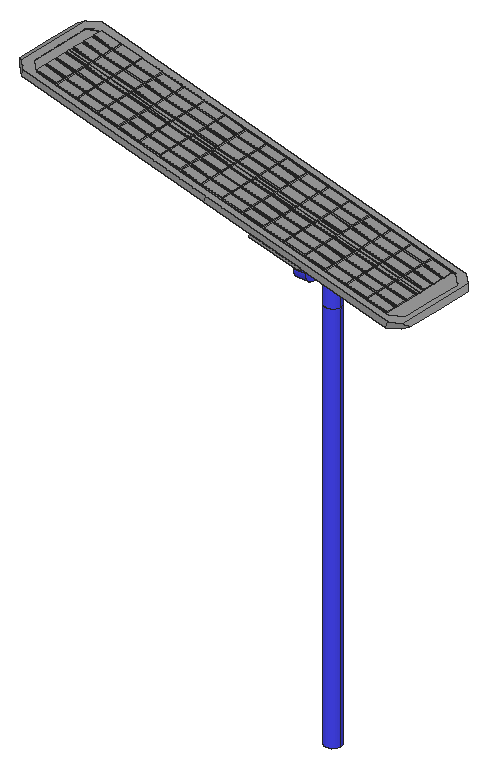
Revit family "BLS-10 & 8A", category Lighting Fixtures, host Face, Revit 2023 (continued)
Types (3, lengths in ft): name | Wattage Comments | Wattage | Type Comments | Photometric Web File | built-in parameter 1150142 | Model | built-in parameter 1150105 | Lumens | built-in parameter 1150106 | Description
  (no name) | "45.3" | 45.3 W | "APPLICATION: The BLS-8A is ideal for temporary lighting, \r\npathways, parking areas, public walkways, parks and roads.\r\nSPECIFICATIONS\r\nSolar Panel 75W, 16.2V\r\nLI-ION Battery 577.2 Wh, 39 Ah, 14.8V\r\nLumen Output\r\n3030 LEDS 180-190lpw @ 150mA, 5.8-6V\r\nOperation Time 36 hrs (after full charge)\r\nDischarge Time\r\nDischarge Operating Temperature -20° to 60°C (-4° to 140°F)\r\nCharge Time 10-12 hrs minimum\r\nCharge Operating Temperature 0° to 60°C ( 32° to 140°F)\r\nMin. Solar Direct Normal Irradiance 0.2 KWh/m2\r\nOperation Mode (Green Light) 5 hrs @ 100% + 7 hrs @ 30%\r\n(+ PIR 100%)\r\nOperation Mode (Orange Light) 5 hrs @ 70% + 7 hrs @ 30%\r\n(+ PIR 100%)\r\nOperation Mode (Red Light) 12 hrs @ 30% (+ PIR 100%)\r\nMounting Height 19 - 26 ft\r\nEffective Projected Area (EPA) 6.4 ft2\r\nCertifications IP65 / ROHS / FCC\r\nWeight 45.0 lb / 20.4 kg\r\nWarranty 3 years\r\nUpon proper installation and start-up, Beghelli does not guarantee product performance meets specified performance levels. Unknown \r\nenvironmental conditions effect performance. In no event shall Beghelli be liable for special, incidental or consequential damages related directly or \r\nindirectly to the lack of product functionality and / or performance. \r\nADVANTAGES\r\n• Integrated Solution\r\n• Environmentally Friendly\r\n• Easy Installation\r\n• $0 Energy Costs\r\n• PIR Motion Sensor\r\n• 3 Lighting Modes\r\nEXTRUDED ALUMINUM FRAMING \r\nWITH CLEAR ANODIZED FINISH\r\nSOLAR PANEL - 75W\r\nOPERATION MODES SWITCH\r\n(on/ off- depress long 1.5 sec)\r\n61.5\"\r\n15\"\r\n381 mm\r\n1563 mm\r\nOPERATION MODES \r\nLIGHT INDICATOR\r\nFABRICATED STEEL POST TOP MOUNTING \r\nBRACKET WITH GRAY PAINTED FINISH\r\n160 MID POWER LED\r\nPIR MOTION SENSOR\r\nSLIP-FIT FOR 2.75\" O.D \r\nX 5\" LONG TENON\r\n2.75\" O.D X 5\" TENON/\r\nPOLE (BY OTHERS)\r\nBATTERY\r\n6518 lm @ 5700°K\r\n1\r\n (5 SCDM)\r\n(2)\r\nSET SCREWS (PROVIDED)\r\nBLS-8A\r\nType II / B2-U1-G1\r\nSystem Power Delivery 45.3W\r\nThe LUCE SOLARE BLS-8A is a solar street and area lighting \r\nsolution that integrates the solar panel, battery and LED module \r\ninto a single low-profile fixture. BLS-8A utilitizes battery \r\ntechnology that will not drain below 10% capacity to \r\nensure reliable re-charge for maximum performance.\r\nThe BLS-8A design eliminates bulky external battery \r\nboxes, while maximizing light output by using high \r\nefficiency mono-crystalline silicon solar cells and LEDs.\r\nThe BLS-8A incorporates a night sensor that detects \r\nambient light to automatically turn the fixture on/off. An \r\ni" | "BLS-8A-5700°K.ies" | "IESNA:LM-63-2002\r\n[TEST] -         \r\n[TESTLAB] BEGHELLI         \r\n[TESTDATE] 2017-2-14         \r\n[ISSUEDATE] 2017-2-14 15:9:47        \r\n[NEARFIELD]          \r\n[LAMPPOSITION] \"0,0\"         \r\n[OTHER] \r\n[MANUFAC] BEGHELLI\r\n[LUMCAT] BLS-8A-5700°K         \r\n[OTHER] TOTAL LUMINAIRE WATTS REPRESENT LUMINAIRE POWER DELIVERY\r\nTILT=NONE\r\n1 8148.29 0.8 181 17 1 2 0 0 0\r\n1 1 45.3\r\n0 1 2 3 4 5 6 7 8 9 10 11 12 13 14 15 16 17 18 19 20 21 22 23 24 25 26 27 28 29 30 31 32 33 34 35 36 37 38 39 40 41 42 43 44 45 46 47 48 49 50 51 52 53 54 55 56 57 58 59 60 61 62 63 64 65 66 67 68 69 70 71 72 73 74 75 76 77 78 79 80 81 82 83 84 85 86 87 \r\n88 89 90 91 92 93 94 95 96 97 98 99 100 101 102 103 104 105 106 107 108 109 110 111 112 113 114 115 116 117 118 119 120 121 122 123 124 125 126 127 128 129 130 131 132 133 134 135 136 137 138 139 140 141 142 143 144 145 146 147 148 149 150 151 152 153 154\r\n 155 156 157 158 159 160 161 162 163 164 165 166 167 168 169 170 171 172 173 174 175 176 177 178 179 180\r\n0 22.5 45 67.5 90 112.5 135 157.5 180 202.5 225 247.5 270 292.5 315 337.5 360\r\n2778.373 2776.36 2769.34 2760.71 2753.45 2749.21 2738.30 2723.71 2716.47 2713.69 2716.39 2722.41 2736.17 2743.92 2750.02 2751.42 2751.50 2766.57 2790.61 2808.37 2818.06 2832.08 2837.95 2839.33 2821.98 2776.76 2733.98 2686.47 2641.99 2596.19 2559.61 \r\n2525.13 2490.60 2453.51 2424.92 2394.20 2354.50 2307.43 2249.64 2164.99 2074.62 1998.02 1920.44 1852.02 1794.89 1751.95 1720.49 1718.21 1751.54 1876.69 2059.71 2027.12 1761.07 1506.84 1210.74 982.33 846.50 755.90 698.94 651.11 615.18 587.06 560.90 540.70 \r\n513.01 487.00 455.30 449.69 433.87 426.64 410.50 394.76 385.15 366.18 353.79 345.22 345.64 341.08 262.60 185.68 136.72 130.51 137.93 79.76 40.56 32.41 22.56 14.25 8.53 3.32 0.00 0.00 0.00 0.00 0.00 0.00 0.00 0.00 0.00 0.00 0.00 0.00 0.00 0.00 0.00 0.00 \r\n0.00 0.00 0.00 0.00 0.00 0.00 0.00 0.00 0.00 0.00 0.00 0.00 0.00 0.00 0.00 0.00 0.00 0.00 0.00 0.00 0.00 0.00 0.00 0.00 0.00 0.00 0.00 0.00 0.00 0.00 0.00 0.00 0.00 0.00 0.00 0.00 0.00 0.00 0.00 0.00 0.00 0.00 0.00 0.00 0.00 0.00 0.00 0.00 0.00 0.00 0.00 \r\n0.00 0.00 0.00 0.00 0.00 0.00 0.00 0.00 0.00 0.00 0.00 0.00 0.00 0.00 0.00 0.00 0.00 0.00 0.00 0.00 0.00 0.00 0.00 0.00\r\n2778.373 2777.09 2772.04 2759.65 2746.29 2739.19 2733.98 2725.51 2722.08 2722.08 2729.58 2739.36 2747.75 2749.78 2758.09 2771.13 2783.43 2791.10 2796.71 2803.32 2803.00 2795.58 2789.96 2787.92 2781.49 2776.68 2767.05 2746.29 2718.98 2682.73 2639.21 \r\n2593.10 2541.26 2490.52 2446.51 2409.51 2371.05 2329.42 2283.87 2222.68 2154.30 2081.37 1994.11 1915.39 1833.26 1759.60 1701.51 1656.04 1637.46 1634.37 1660.20 1810.78 1956.80 1866.27 1603.41 1381.44 1161.60 1022.44 922.45 869.17 820.43 782.05 744.25 \r\n704.49 669.94 639.63 608.49 591.46 575.75 556.84 532.06 516.34 491.66 475.11 460.86 436.33 409.52 371.06 347.34 327.79 295.76 228.70 173.78 122.62 116.26 91.48 47.57 32.33 25.40 17.41 10.34 3.24 0.08 0.00 0.00 0.00 0.00 0.00 0.00 0.00 0.00 0.00 0.00 0.00 \r\n0.00 0.00 0.00 0.00 0.00 0.00 0.00 0.00 0.00 0.00 0.00 0.00 0.00 0.00 0.00 0.00 0.00 0.00 0.00 0.00 0.00 0.00 0.00 0.00 0.00 0.00 0.00 0.00 0.00 0.00 0.00 0.00 0.00 0.00 0.00 0.00 0.00 0.00 0.00 0.00 0.00 0.00 0.00 0.00 0.00 0.00 0.00 0.00 0.00 0.00 0.00 \r\n0.00 0.00 0.00 0.00 0.00 0.00 0.00 0.00 0.00 0.00 0.00 0.00 0.00 0.00 0.00 0.00 0.00 0.00 0.00 0.00 0.00 0.00 0.00 0.00 0.40 0.00\r\n2778.373 2785.97 2785.16 2770.24 2755.01 2744.16 2743.51 2751.34 2764.05 2772.28 2778.55 2782.70 2786.37 2786.05 2786.05 2772.77 2756.63 2743.51 2731.94 2723.38 2722.89 2722.41 2703.34 2682.49 2669.76 2651.52 2644.51 2642.07 2638.80 2632.77 2626.74 \r\n2616.48 2605.15 2589.26 2572.32 2547.14 2536.94 2527.74 2515.19 2493.92 2468.43 2444.80 2418.24 2384.50 2339.93 2282.23 2223.65 2166.12 2098.66 2007.56 1904.81 1834.57 1788.36 1772.40 1769.79 1768.40 1783.15 1856.98 1820.06 1696.62 1557.28 1414.04 1317.73\r\n 1259.78 1218.16 1186.62 1168.61 1156.31 1132.91 1110.83 1054.86 967.35 866.88 775.30 692.99 630.75 582.42 551.46 516.66 480.24 431.93 374.32 323.95 289.65 270.19 233.75 187.49 148.11 120.01 100.70 68.68 44.64 18.65 5.53 0.00 0.00 0.00 0.00 0.00 0.00 0.00\r\n 0.00 0.00 0.00 0.00 0.00 0.00 0.00 0.00 0.00 0.00 0.00 0.00 0.00 0.00 0.00 0.00 0.00 0.00 0.00 0.00 0.00 0.00 0.00 0.00 0.00 0.00 0.00 0.00 0.00 0.00 0.00 0.00 0.00 0.00 0.00 0.00 0.00 0.00 0.00 0.00 0.00 0.00 0.00 0.00 0.00 0.00 0.00 0.00 0.00 0.00 0.00\r\n 0.00 0.00 0.00 0.00 0.00 0.00 0.00 0.00 0.00 0.00 0.00 0.00 0.00 0.00 0.00 0.00 0.00 0.00 0.00 0.00 0.40 0.40 0.40 0.40 0.40 0.40 0.40 0.40 0.00\r\n2778.373 2786.37 2778.47 2755.98 2736.74 2724.45 2720.45 2719.55 2719.47 2718.09 2719.47 2726.00 2730.31 2731.77 2733.15 2728.51 2728.02 2729.91 2734.07 2746.45 2757.93 2761.36 2760.14 2760.54 2769.34 2775.45 2793.23 2789.31 2751.91 2725.83 2714.01 \r\n2699.36 2685.00 2685.98 2712.88 2744.65 2763.30 2759.65 2732.99 2702.85 2689.16 2693.49 2711.25 2713.36 2707.25 2698.13 2695.52 2702.45 2709.45 2712.39 2711.99 2707.01 2702.19 2698.78 2688.83 2678.74 2688.18 2662.52 2628.37 2572.57 2486.59 2380.92 2212.16\r\n 2063.87 1956.55 1792.60 1642.52 1514.99 1446.87 1474.74 1409.40 1277.81 1146.93 973.95 804.37 674.42 645.65 668.38 626.84 541.76 441.70 382.94 379.70 325.51 264.56 253.80 223.41 155.13 114.87 106.15 87.73 57.92 34.60 17.65 3.73 0.00 0.00 0.00 0.00 0.00 \r\n0.00 0.00 0.00 0.00 0.00 0.00 0.00 0.00 0.00 0.00 0.00 0.00 0.00 0.00 0.00 0.00 0.00 0.00 0.00 0.00 0.00 0.00 0.00 0.00 0.00 0.00 0.00 0.00 0.00 0.00 0.00 0.00 0.00 0.00 0.00 0.00 0.00 0.00 0.00 0.00 0.00 0.00 0.00 0.00 0.00 0.00 0.00 0.00 0.00 0.00 0.00 \r\n0.00 0.00 0.00 0.00 0.00 0.00 0.00 0.00 0.00 0.00 0.00 0.00 0.00 0.00 0.00 0.00 0.00 0.00 0.00 0.00 0.00 0.00 0.00 0.00 0.00 0.00 0.00 0.89 0.89 0.00\r\n2778.373 2792.88 2786.46 2769.42 2745.14 2733.74 2737.64 2754.34 2777.49 2798.52 2823.93 2839.83 2831.60 2819.21 2803.40 2781.81 2752.39 2724.53 2699.52 2684.11 2684.11 2683.78 2691.53 2735.20 2770.64 2766.81 2766.48 2769.18 2767.72 2757.04 2729.83 \r\n2722.49 2725.17 2741.64 2742.46 2730.31 2709.70 2693.57 2679.95 2669.76 2661.38 2650.54 2637.17 2623.97 2614.61 2605.89 2593.18 2582.50 2567.84 2548.20 2537.35 2528.63 2522.69 2525.96 2537.67 2544.28 2527.50 2472.34 2397.94 2305.05 2206.86 2089.85 1972.69\r\n 1853.96 1778.51 1762.29 1796.69 1767.19 1629.07 1462.36 1278.62 1115.15 1014.77 1036.93 1072.05 991.39 852.38 728.19 660.00 566.77 431.76 439.83 453.11 359.00 261.55 187.38 142.17 107.46 86.11 74.71 63.62 47.99 34.12 19.54 7.23 0.00 0.00 0.40 0.00 1.29 \r\n0.89 0.89 0.89 0.89 0.89 1.29 1.29 1.29 1.29 1.29 1.29 1.29 1.29 1.29 1.29 1.29 1.29 1.29 1.29 1.29 1.29 1.29 1.29 1.29 1.29 1.29 1.29 1.29 1.29 1.29 1.29 1.29 1.29 1.29 1.29 1.29 1.29 1.29 1.29 1.29 1.29 1.29 1.29 1.29 1.29 1.29 1.29 1.29 1.29 1.29 1.29 \r\n1.29 1.29 1.29 1.29 1.29 1.29 1.29 1.29 1.29 1.29 1.29 1.29 1.29 1.29 1.29 1.29 1.29 0.89 0.89 0.89 0.89 0.89 0.89 1.29 0.40 0.40 0.40 0.40 0.40 0.00\r\n2778.373 2791.50 2786.54 2768.53 2751.50 2748.40 2754.02 2777.25 2816.20 2825.57 2811.88 2778.22 2728.83 2665.94 2613.54 2578.67 2574.59 2582.66 2585.77 2579.32 2559.21 2532.87 2523.75 2529.87 2546.58 2560.02 2561.07 2552.35 2535.24 2521.80 2518.05 \r\n2516.35 2521.15 2549.17 2579.97 2591.95 2591.54 2594.57 2604.74 2615.51 2617.86 2612.16 2596.84 2582.58 2565.55 2550.41 2526.04 2500.37 2479.67 2456.70 2432.65 2403.41 2354.85 2299.68 2233.42 2165.15 2093.68 2013.42 1920.95 1834.00 1753.00 1676.97 1607.81\r\n 1538.21 1455.02 1349.58 1243.17 1143.92 1048.02 934.92 838.35 754.35 679.63 615.58 538.26 453.92 383.12 341.89 310.11 263.25 218.04 187.22 166.78 148.45 124.41 91.00 62.48 43.66 36.17 35.18 28.83 18.24 9.28 0.89 0.00 0.00 0.00 0.00 0.40 0.89 0.40 1.37 \r\n0.89 0.89 0.89 0.89 0.89 0.89 0.89 0.89 0.89 0.89 0.89 0.89 0.89 0.89 0.89 0.89 0.89 0.89 0.89 0.89 0.89 0.89 0.89 0.89 0.89 0.89 0.89 0.89 0.89 0.89 0.89 0.89 0.89 0.89 0.89 0.89 0.89 0.89 0.89 0.89 0.89 0.89 0.89 0.89 0.89 0.89 0.89 0.89 0.89 0.89 0.89 \r\n0.89 0.89 0.89 0.89 0.89 0.89 0.89 0.89 0.89 0.89 0.89 0.89 0.89 0.89 0.89 0.89 0.89 0.89 0.89 0.89 0.89 0.89 0.89 0.89 0.89 0.89 0.89 0.00\r\n2778.373 2787.35 2774.72 2753.45 2734.39 2712.88 2699.02 2684.11 2645.98 2581.61 2504.93 2431.02 2369.18 2319.71 2281.99 2272.87 2254.29 2201.90 2158.78 2135.97 2120.91 2111.12 2098.66 2084.23 2070.79 2054.57 2035.43 2013.92 1991.51 1966.08 1947.91 \r\n1936.34 1936.34 1937.23 1936.82 1936.34 1935.77 1930.97 1914.83 1893.56 1863.33 1832.94 1802.79 1778.43 1762.71 1744.45 1727.74 1709.66 1691.49 1673.41 1650.66 1614.89 1567.96 1506.27 1431.07 1351.79 1272.98 1197.30 1123.87 1060.55 1014.04 965.56 899.23 \r\n806.66 707.18 613.48 533.13 490.27 471.52 433.71 381.81 334.39 297.31 276.29 258.12 246.55 235.80 215.91 193.99 167.68 147.87 148.19 142.17 130.51 105.34 68.84 43.74 30.54 27.85 25.80 17.09 7.40 0.00 0.00 0.00 0.00 0.00 0.00 0.00 0.40 0.00 0.00 0.89 0.89 \r\n1.37 1.37 1.37 1.37 1.37 1.37 1.37 1.37 1.37 1.37 1.37 1.37 1.37 1.37 1.37 1.37 1.37 1.37 1.37 1.37 1.37 1.37 1.37 1.37 1.37 1.37 1.37 1.37 1.37 1.37 1.37 1.37 1.37 1.37 1.37 1.37 1.37 1.37 1.37 1.37 0.89 0.89 0.89 0.89 0.89 0.89 0.89 0.89 0.89 0.89 0.89 \r\n0.89 0.89 0.89 0.89 0.89 0.89 0.89 0.89 0.89 0.89 0.89 0.89 0.89 0.89 0.89 0.89 0.40 0.40 0.40 0.40 0.40 0.40 0.40 0.40 0.40 0.00\r\n2778.373 2781.73 2763.54 2729.42 2688.99 2652.81 2616.40 2547.14 2488.71 2450.83 2409.51 2355.98 2286.63 2228.70 2186.09 2152.03 2129.30 2110.87 2090.68 2069.25 2038.44 1989.14 1929.99 1863.09 1789.27 1712.60 1622.72 1531.45 1449.81 1373.87 1301.83 \r\n1237.38 1170.16 1106.35 1050.54 995.05 946.81 900.45 856.70 814.25 771.95 733.17 699.93 672.70 648.84 630.91 618.20 605.08 593.75 584.14 578.92 575.58 572.40 568.16 563.76 554.88 537.45 518.46 491.40 466.72 449.93 440.56 436.33 428.99 412.69 388.90 364.29\r\n 346.69 342.94 342.45 329.99 294.30 260.65 256.57 274.10 293.32 276.45 218.28 150.57 108.35 106.96 118.54 112.59 92.71 69.49 61.17 60.04 47.57 29.07 17.65 8.21 0.00 0.00 0.00 0.00 0.00 0.00 0.00 0.00 0.00 0.00 0.00 0.00 0.00 0.00 0.00 0.00 0.00 0.00 0.00 \r\n0.00 0.00 0.00 0.00 0.00 0.00 0.00 0.00 0.00 0.00 0.00 0.00 0.00 0.00 0.00 0.40 1.29 0.89 0.89 0.89 0.89 0.89 0.89 0.89 0.89 0.89 0.89 0.89 0.89 0.89 0.89 0.89 0.89 0.89 0.89 0.89 0.89 0.89 0.89 0.89 0.89 0.89 0.89 0.89 0.89 0.89 0.89 0.89 0.89 0.89 0.89 \r\n0.89 0.89 0.89 0.89 0.89 0.89 0.89 0.89 0.89 0.89 0.89 0.89 0.89 0.89 0.89 0.89 0.89 0.89 0.89 0.00\r\n2778.373 2780.17 2762.25 2732.59 2705.13 2673.77 2612.00 2522.53 2455.63 2416.77 2400.06 2344.00 2272.79 2229.36 2188.44 2147.31 2104.61 2058.97 2015.54 1968.29 1915.72 1845.33 1756.27 1658.56 1546.45 1419.17 1282.69 1155.73 1041.74 942.41 851.55 773.41 \r\n723.14 681.59 646.79 619.42 593.91 574.68 556.34 536.64 520.58 502.74 485.53 470.96 459.22 449.28 440.56 432.09 422.15 415.30 410.9
    8 405.04 404.13 403.64 404.13 404.64 406.58 411.23 416.44 428.42 439.67 452.29 451.73 447.49 434.87 414.25 409.36 416.76 \r\n422.80 411.47 381.08 344.98 311.50 268.72 214.13 167.27 162.63 174.75 171.75 151.21 126.92 109.58 94.02 44.56 11.80 0.00 0.00 0.00 0.00 0.00 0.00 0.00 0.00 0.00 0.00 0.00 0.00 0.00 0.00 0.00 0.00 0.00 0.00 0.00 0.00 0.00 0.00 0.00 0.00 0.00 0.00 0.00 0.00\r\n 0.00 0.00 0.00 0.00 0.00 0.00 0.00 0.00 0.00 0.00 0.00 0.00 0.00 0.00 0.00 0.00 0.00 0.00 0.00 0.00 0.00 0.00 0.00 0.00 0.00 0.00 0.00 0.00 0.00 0.00 0.00 0.00 0.40 0.40 0.40 0.40 0.40 0.40 0.40 0.40 0.40 0.40 0.40 0.40 0.40 0.40 0.40 0.40 0.40 0.40 0.40\r\n 0.40 0.40 0.40 0.40 0.40 0.40 0.40 0.40 0.40 0.40 0.40 0.00 0.00 0.00 0.00 0.00 0.00\r\n2778.373 2767.64 2750.26 2728.59 2700.65 2686.81 2646.47 2572.16 2506.96 2460.76 2411.80 2339.76 2250.05 2198.97 2166.45 2144.93 2122.85 2097.11 2069.25 2032.90 1986.46 1932.02 1868.78 1801.09 1723.26 1642.36 1562.01 1491.78 1430.91 1362.13 1288.15 \r\n1214.41 1150.20 1090.87 1037.18 985.03 936.38 884.40 829.31 783.68 738.46 700.98 669.12 648.84 631.97 615.75 601.09 588.86 583.48 576.23 570.52 566.37 559.04 548.61 536.22 523.83 511.20 488.96 466.80 450.82 442.10 440.73 435.03 416.44 388.26 361.19 343.83\r\n 345.96 356.55 354.27 332.02 296.18 279.07 287.62 308.88 294.06 238.31 165.47 112.02 100.62 107.70 107.87 99.07 83.33 69.97 61.83 45.61 28.18 18.16 12.36 0.89 0.00 0.00 0.00 0.00 0.00 0.00 0.00 0.00 0.00 0.00 0.00 0.00 0.00 0.00 0.40 0.00 0.00 0.00 0.00 \r\n0.00 0.00 0.00 0.00 0.00 0.00 0.00 0.00 0.00 0.00 0.00 0.00 0.00 0.40 0.89 0.89 0.89 0.89 0.89 0.89 0.40 0.40 0.40 0.40 0.40 0.40 0.40 0.40 0.40 0.40 0.40 0.40 0.40 0.40 0.89 0.00 0.00 0.00 0.00 0.00 0.00 0.00 0.40 0.00 0.00 0.00 0.00 0.00 0.00 0.00 0.00 \r\n0.00 0.00 0.00 0.00 0.00 0.00 0.00 0.00 0.00 0.00 0.00 0.00 0.00 0.00 0.00 0.00 0.00 0.00 0.00 0.00\r\n2778.373 2756.31 2744.41 2726.64 2726.64 2726.00 2715.55 2678.25 2597.74 2506.31 2421.90 2351.66 2303.02 2280.28 2280.86 2262.60 2207.04 2160.26 2133.78 2127.82 2125.88 2120.24 2111.95 2096.62 2079.67 2058.56 2033.46 2005.27 1981.90 1960.71 1950.60 \r\n1945.06 1946.54 1951.10 1951.10 1949.05 1940.33 1930.80 1909.37 1872.87 1834.81 1809.47 1784.95 1763.60 1750.48 1739.24 1723.91 1697.27 1659.62 1612.86 1564.78 1508.72 1443.87 1368.58 1286.85 1208.04 1137.08 1078.25 1029.03 982.83 926.37 850.66 753.79 \r\n649.24 561.08 504.85 476.49 450.17 413.60 368.69 328.43 297.88 276.53 266.43 252.25 233.91 209.89 183.90 164.74 156.91 153.25 148.85 132.24 93.86 61.43 35.92 29.39 27.93 24.18 14.73 6.99 0.00 0.00 0.00 0.00 0.00 0.00 0.00 0.40 0.00 0.00 0.00 0.40 1.29 \r\n0.89 1.29 1.29 1.29 1.29 1.29 1.29 1.29 1.29 1.29 1.29 1.29 1.29 1.29 1.29 1.29 1.29 1.29 1.29 1.29 1.29 1.29 1.29 1.29 1.29 1.29 1.29 1.29 1.29 1.29 1.29 1.29 1.29 1.29 1.29 1.29 1.29 1.29 1.29 1.29 1.29 0.89 0.89 0.89 0.89 0.89 0.89 0.89 0.89 0.89 0.89 \r\n0.89 0.89 0.89 0.89 0.89 0.89 0.89 0.89 0.89 0.89 0.89 0.89 0.89 0.89 0.89 0.89 0.89 0.89 0.89 0.89 0.89 0.89 1.29 0.40 0.40 0.00\r\n2778.373 2744.81 2730.88 2733.07 2757.69 2785.48 2813.02 2827.36 2817.25 2788.16 2740.65 2678.17 2615.35 2589.44 2593.58 2611.03 2614.35 2597.66 2566.36 2521.88 2490.92 2482.27 2482.45 2492.62 2495.48 2494.74 2488.39 2486.03 2489.28 2488.87 2492.71 \r\n2516.83 2542.42 2565.71 2591.14 2607.28 2611.68 2617.62 2616.56 2607.20 2587.71 2568.90 2554.06 2537.78 2517.40 2499.06 2478.86 2458.89 2442.19 2423.53 2390.45 2343.03 2294.54 2237.75 2168.74 2089.93 2000.71 1910.02 1830.33 1750.64 1667.93 1566.49 1446.95\r\n 1333.61 1237.30 1143.84 1046.14 948.20 846.75 747.66 663.82 607.52 537.61 450.74 383.86 347.75 316.87 270.67 227.57 198.56 182.01 162.55 133.45 98.99 65.99 47.57 40.00 37.54 34.20 22.89 14.65 4.56 0.89 0.40 0.00 0.40 0.89 0.89 0.89 1.29 0.89 0.89 0.89 \r\n0.89 0.89 0.89 0.89 0.89 0.89 0.89 0.89 0.89 0.89 0.89 0.89 0.89 0.89 0.89 0.89 0.89 0.89 0.89 0.89 0.89 0.89 0.89 0.89 0.89 0.89 0.89 0.89 0.89 0.89 0.89 0.89 0.89 0.89 0.89 0.89 0.89 0.89 0.89 0.89 0.89 0.89 0.89 0.89 1.29 0.40 0.89 0.40 0.40 0.40 0.40 \r\n0.40 0.40 0.40 0.40 0.40 0.40 0.40 0.40 0.40 0.40 0.40 0.40 0.40 0.40 0.40 0.40 0.40 0.40 0.40 0.40 0.40 0.40 0.40 0.40 0.40 0.40 0.00\r\n2778.373 2731.69 2718.74 2717.76 2729.67 2754.58 2773.66 2794.93 2810.99 2824.43 2828.59 2827.28 2814.89 2791.34 2774.72 2752.31 2724.35 2706.27 2714.34 2732.50 2754.77 2791.18 2813.91 2823.69 2808.78 2797.20 2788.48 2788.83 2790.21 2794.36 2793.15 \r\n2792.64 2792.15 2782.38 2769.51 2753.61 2736.09 2726.40 2720.61 2715.07 2709.94 2709.78 2710.26 2700.57 2685.90 2671.32 2655.19 2640.11 2626.50 2622.34 2622.26 2624.15 2626.90 2612.33 2569.79 2514.22 2438.85 2348.72 2218.52 2076.57 1963.31 1922.25 1947.59\r\n 2006.50 2021.09 1949.94 1815.26 1608.94 1364.33 1276.25 1305.91 1336.06 1250.66 1099.12 967.11 892.71 868.10 644.76 484.64 440.56 363.80 313.52 265.45 207.35 156.26 111.29 89.93 73.81 55.96 37.14 27.61 15.79 7.64 1.37 0.00 0.00 0.00 0.00 0.00 0.00 0.00 \r\n0.00 0.00 0.00 0.00 0.00 0.00 0.00 0.00 0.00 0.00 0.00 0.00 0.00 0.00 0.00 0.00 0.00 0.00 0.00 0.00 0.00 0.00 0.00 0.00 0.00 0.00 0.00 0.00 0.00 0.00 0.00 0.00 0.00 0.00 0.00 0.00 0.00 0.00 0.00 0.00 0.00 0.00 0.00 0.00 0.00 0.00 0.00 0.00 0.00 0.00 0.00 \r\n0.00 0.89 0.40 0.40 1.29 0.89 0.89 0.89 0.89 0.89 0.89 0.89 0.89 0.89 0.89 0.89 0.89 0.89 0.89 0.89 0.89 0.89 0.89 0.89 0.89 0.89 0.89 0.89 0.00\r\n2778.373 2739.52 2719.14 2717.20 2709.94 2704.48 2718.17 2735.53 2743.43 2755.33 2769.26 2775.45 2777.41 2771.80 2767.05 2767.48 2778.55 2792.31 2798.92 2796.71 2788.83 2795.17 2806.99 2822.22 2838.76 2843.73 2865.74 2878.53 2880.41 2866.96 2854.90 \r\n2857.35 2901.26 2950.89 2968.98 2963.93 2912.76 2863.62 2829.72 2811.96 2802.84 2787.67 2777.49 2773.66 2774.07 2773.66 2789.64 2804.78 2822.80 2843.49 2862.48 2885.70 2902.97 2918.29 2919.52 2891.33 2830.05 2743.76 2650.30 2537.86 2383.03 2174.60 2030.86\r\n 1981.49 1956.96 1971.79 1978.55 1901.87 1753.09 1579.52 1322.61 1027.73 896.87 861.02 869.09 840.48 740.25 588.86 496.14 493.20 436.57 334.47 314.99 282.40 177.45 131.00 120.98 101.75 72.90 53.76 39.92 24.10 8.77 1.45 0.00 0.00 0.00 0.00 0.00 0.00 0.00 \r\n0.00 0.00 0.00 0.00 0.00 0.00 0.00 0.00 0.00 0.00 0.00 0.00 0.00 0.00 0.00 0.00 0.00 0.00 0.00 0.00 0.00 0.00 0.00 0.00 0.00 0.00 0.00 0.00 0.00 0.00 0.00 0.00 0.00 0.00 0.00 0.00 0.00 0.00 0.00 0.00 0.00 0.00 0.00 0.00 0.00 0.00 0.00 0.00 0.00 0.00 0.00 \r\n0.00 0.00 0.00 0.40 0.89 0.40 0.40 0.40 0.40 0.40 0.40 0.40 0.40 0.40 0.40 0.40 0.40 0.40 0.40 0.40 0.40 0.40 0.40 0.40 0.40 0.40 0.40 0.40 0.00\r\n2778.373 2752.31 2736.66 2729.18 2720.13 2718.09 2733.07 2753.85 2773.42 2788.75 2796.31 2797.44 2789.15 2782.95 2771.13 2764.05 2758.74 2748.16 2743.68 2756.96 2771.53 2783.92 2797.71 2800.79 2793.31 2765.51 2747.67 2732.83 2732.26 2744.49 2751.10 \r\n2738.95 2717.12 2693.39 2672.46 2652.41 2641.83 2632.21 2616.73 2598.24 2572.32 2542.82 2514.05 2490.02 2466.06 2429.40 2353.21 2281.10 2208.90 2140.29 2080.64 2035.75 2031.02 2032.73 2004.79 1959.00 1969.75 2030.21 1989.47 1852.91 1723.26 1599.58 1532.02\r\n 1500.82 1470.83 1424.79 1375.74 1310.96 1221.98 1121.52 998.88 877.14 773.66 697.07 674.75 653.64 620.96 570.04 495.32 421.08 356.55 324.29 313.04 291.86 247.53 200.50 171.35 141.20 110.55 77.80 44.96 20.27 6.83 0.16 0.00 0.00 0.00 0.00 0.00 0.00 0.00 \r\n0.00 0.00 0.00 0.00 0.00 0.00 0.00 0.00 0.00 0.00 0.00 0.00 0.00 0.00 0.00 0.00 0.00 0.00 0.00 0.00 0.00 0.00 0.00 0.00 0.00 0.00 0.00 0.00 0.00 0.00 0.00 0.00 0.00 0.00 0.00 0.00 0.00 0.00 0.00 0.00 0.00 0.00 0.00 0.00 0.00 0.00 0.00 0.00 0.00 0.00 0.00 \r\n0.00 0.00 0.00 0.00 0.00 0.00 0.00 0.00 0.00 0.00 0.00 0.00 0.00 0.00 0.00 0.00 0.00 0.00 0.00 0.40 0.40 0.40 0.40 0.89 1.29 0.89 0.89 0.89 0.00\r\n2778.373 2766.48 2758.25 2751.42 2740.49 2737.24 2748.89 2768.45 2783.27 2797.55 2801.19 2800.79 2801.19 2805.35 2808.70 2811.07 2810.57 2803.16 2794.44 2789.07 2789.07 2801.19 2814.81 2819.79 2816.28 2798.60 2768.13 2723.38 2677.02 2629.68 2568.01 \r\n2513.32 2456.70 2408.37 2361.76 2325.51 2300.65 2269.44 2241.25 2198.56 2141.10 2074.70 1997.54 1925.67 1850.45 1790.09 1739.97 1693.76 1667.28 1652.06 1671.93 1844.27 1986.21 1868.62 1619.21 1420.31 1218.32 1082.98 985.19 917.40 868.10 828.26 789.96 \r\n758.84 732.52 708.23 683.71 660.00 630.43 605.97 583.24 563.11 545.42 529.13 496.95 465.66 421.00 390.20 366.99 333.01 295.92 226.92 168.65 138.02 121.47 89.53 48.47 32.58 26.22 15.14 7.07 0.40 0.00 0.00 0.00 0.00 0.00 0.00 0.00 0.00 0.00 0.00 0.00 0.00 \r\n0.00 0.00 0.00 0.00 0.00 0.00 0.00 0.00 0.00 0.00 0.00 0.00 0.00 0.00 0.00 0.00 0.00 0.00 0.00 0.00 0.00 0.00 0.00 0.00 0.00 0.00 0.00 0.00 0.00 0.00 0.00 0.00 0.00 0.00 0.00 0.00 0.00 0.00 0.00 0.00 0.00 0.00 0.00 0.00 0.00 0.00 0.00 0.00 0.00 0.00 0.00 \r\n0.00 0.00 0.00 0.00 0.00 0.00 0.00 0.00 0.00 0.00 0.00 0.00 0.00 0.00 0.00 0.00 0.00 0.00 0.00 0.00 0.00 0.00 0.00 0.00 0.00 0.00\r\n2778.373 2776.36 2769.34 2760.71 2753.45 2749.21 2738.30 2723.71 2716.47 2713.69 2716.39 2722.41 2736.17 2743.92 2750.02 2751.42 2751.50 2766.57 2790.61 2808.37 2818.06 2832.08 2837.95 2839.33 2821.98 2776.76 2733.98 2686.47 2641.99 2596.19 2559.61 \r\n2525.13 2490.60 2453.51 2424.92 2394.20 2354.50 2307.43 2249.64 2164.99 2074.62 1998.02 1920.44 1852.02 1794.89 1751.95 1720.49 1718.21 1751.54 1876.69 2059.71 2027.12 1761.07 1506.84 1210.74 982.33 846.50 755.90 698.94 651.11 615.18 587.06 560.90 540.70 \r\n513.01 487.00 455.30 449.69 433.87 426.64 410.50 394.76 385.15 366.18 353.79 345.22 345.64 341.08 262.60 185.68 136.72 130.51 137.93 79.76 40.56 32.41 22.56 14.25 8.53 3.32 0.00 0.00 0.00 0.00 0.00 0.00 0.00 0.00 0.00 0.00 0.00 0.00 0.00 0.00 0.00 0.00 \r\n0.00 0.00 0.00 0.00 0.00 0.00 0.00 0.00 0.00 0.00 0.00 0.00 0.00 0.00 0.00 0.00 0.00 0.00 0.00 0.00 0.00 0.00 0.00 0.00 0.00 0.00 0.00 0.00 0.00 0.00 0.00 0.00 0.00 0.00 0.00 0.00 0.00 0.00 0.00 0.00 0.00 0.00 0.00 0.00 0.00 0.00 0.00 0.00 0.00 0.00 0.00 \r\n0.00 0.00 0.00 0.00 0.00 0.00 0.00 0.00 0.00 0.00 0.00 0.00 0.00 0.00 0.00 0.00 0.00 0.00 0.00 0.00 0.00 0.00 0.00 0.00\r\n" | "BLS-8A" | 519.1 (stored number, unit not read) | 6523.2 lm | 5.191 (stored number, unit not read) | "The LUCE SOLARE BLS-8A is a solar street and area lighting \r\nsolution that integrates the solar panel, battery and LED module \r\ninto a single low-profile fixture. BLS-8A utilitizes battery \r\ntechnology that will not drain below 10% capacity to \r\nensure reliable re-charge for maximum performance."
